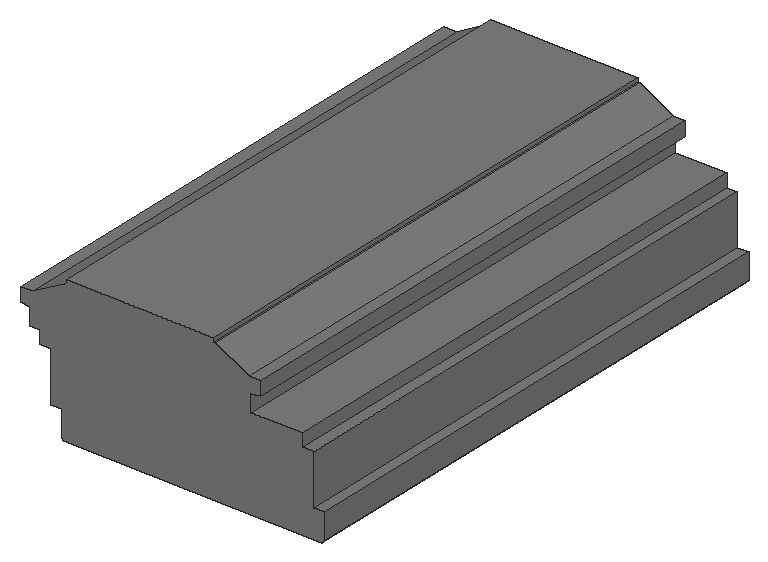
Revit family "HourdiBox PP Néo 120 Up 27 KW-1", category Equipement spécialisé, Revit 2016
Family settings
  Basée sur le plan de construction = Non
  Toujours verticalement = Oui
  Couper avec des vides une fois chargée = Non
  Partagée = Non
  Point de calcul de pièce = Non
Parameters (values of type "HourdiBox PP 120 Up 27")
  Up - SEAC GF 110 - SEAC GF 120 - SEAC GF 930 - SEAC GF 940 = 0.2700 W/(m·K)  # constant formula
  Up - RECTOR NR 130 = 0.2700 W/(m·K)  # constant formula
  Up - RECTOR NR 110 = 0.2600 W/(m·K)  # constant formula
  Up - LB7 - Série 1 = 0.2600 W/(m·K)  # constant formula
  Up - LB 7 - Série 2 = 0.2700 W/(m·K)  # constant formula
  Up - KP1 Leader 130 - KP1 Leader 140 = 0.2700 W/(m·K)  # constant formula
  Up - KP1 Leader 110 - KP1 Leader 115S - KP1 Leader x 110 = 0.2600 W/(m·K)  # constant formula
  Up - DURANDAL DF 110 - DURANDAL DF 130 - DURANDAL DF 140 = 0.2700 W/(m·K)  # constant formula
  URL = "http://www.isobox-isolation.fr/"
  Rp - SEAC GF 110 - SEAC GF 120 - SEAC GF 930 - SEAC GF 940 = 3.3500 (m²·K)/W  # constant formula
  Rp - RECTOR NR 110 = 3.4000 (m²·K)/W  # constant formula
  Rp - RECTOR NR 130 = 3.3000 (m²·K)/W  # constant formula
  Keynote = ""
  Model = "Entrevous 120 - UP 14 "  # constant formula
  Matériaux = Isolant PSE Entrevous
  Longueur = 1200 mm  # constant formula
  Largeur coupure 02 (base 10cm = 0) (par défaut) [instance] = 100 mm
  Largeur coupure 01 (base 10cm = 0) [instance] = 100 mm
  Longueur coupure (base 10cm = 0) [instance] = 100 mm
  Largeur = 688.5 mm  # constant formula
  Rp - LB7 - Série 1 = 3.4000 (m²·K)/W  # constant formula
  Rp - LB 7 - Série 2 = 3.3500 (m²·K)/W  # constant formula
  Rp - KP1 Leader 130 - KP1 Leader 140 = 3.3500 (m²·K)/W  # constant formula
  Rp - KP1 Leader 110 - KP1 Leader 115S - KP1 Leader x 110 = 3.4000 (m²·K)/W  # constant formula
  Fabricant = "Isobox"  # constant formula
  Epaisseur de languette = 77 mm  # constant formula
  Description = ""
  Rp - DURANDAL DF 110 - DURANDAL DF 130 - DURANDAL DF 140 = 3.4000 (m²·K)/W  # constant formula
  Coût = 0  # constant formula
Reference planes
  plane 1 "Centre (avant/arrière)": y = 0
  plane 2: z = 0
  plane 3 "Centre (gauche/droite)": x = 0
Forms (mm)
  Extrusion 1, solid, material "Isolant PSE Entrevous" <- "Matériaux"
    sketch origin (0, 0, 0) x (1, 0, 0) y (0, 0, 1)
      loop
        line (105.383, 0) -> (105.383, -9) -> (100.383, -9) -> (27.542, -50.647) -> (0, -50.647) -> (0, -82.012) -> (21.945, -84.319) -> (21.945, -122.995) -> (45, -122.995) -> (45, -152) -> (68.5, -152) -> (68.5, -266) -> (93.5, -266) -> (93.5, -325) -> (98.5, -330) -> (683.5, -330) -> (688.5, -325) -> (688.5, -266) -> (663.5, -266) -> (663.5, -152) -> (640, -152) -> (640, -123) -> (522.055, -123) -> (522.055, -84.319) -> (544, -82.012) -> (544, -50.647) -> (516.458, -50.647) -> (443.618, -9) -> (438.618, -9) -> (438.618, 0) -> (105.383, 0)
    from 0 to 1200
  Extrusion 2, void
    sketch origin (0, 0, 0) x (1, 0, 0) y (0, 1, 0)
      loop
        line (788.5, 0) -> (688.5, 0) -> (688.5, -1200) -> (788.5, -1200) -> (788.5, 0)
    from -330 to 0
  Extrusion 3, void
    sketch origin (0, 0, 0) x (1, 0, 0) y (0, 1, 0)
      loop
        line (0, -1200) -> (0, -1300) -> (688.5, -1300) -> (688.5, -1200) -> (0, -1200)
    from 0 to -330
  Extrusion 4, void
    sketch origin (-788.5, 0, 0) x (1, 0, 0) y (0, 1, 0)
      loop
        line (788.5, 0) -> (688.5, 0) -> (688.5, -1200) -> (788.5, -1200) -> (788.5, 0)
    from -330 to 0
Cuts and joins
  Extrusion 2, Extrusion 3, Extrusion 4 cuts Extrusion 1
Lines and regions (mm)
  reference lines
    curve 1: line (788.5, 160, 0) -> (788.5, -1440, 0)
    curve 2: line (-100, 0, 0) -> (-100, -1540, 0)
    curve 3: line (0, -1300, 0) -> (1520, -1300, 0)
Dimensions and locks
  locked: Extrusion 1 to Extrusion 1 at 688.5
  locked: Extrusion 1 to Extrusion 1 at 1200
  locked: Extrusion 1 to Extrusion 1 at 143
  "Largeur coupure 01 (base 10cm = 0)": Extrusion 2 to Extrusion 2
  locked: Extrusion 3 to Extrusion 3 at 688.5
  "Longueur coupure (base 10cm = 0)": Extrusion 3 to Extrusion 3
  "Largeur coupure 02 (base 10cm = 0) (par défaut)": Extrusion 4 to Extrusion 4
  cut or joined group of Extrusion 1, Extrusion 2, Extrusion 3, Extrusion 4 to cut or joined group of Extrusion 1, Extrusion 2, Extrusion 3, Extrusion 4 = 330 mm
  aligned and locked: level to plane 2
  aligned and locked: Extrusion 2 to curve 1
  aligned and locked: Extrusion 4 to curve 2
  aligned and locked: Extrusion 3 to curve 3
Automatic sketch dimensions
  Extrusion 1 sketch curve to plane 3 "Centre (gauche/droite)" = 0 mm
  Extrusion 1 sketch curve to level = 0 mm
  plane 3 "Centre (gauche/droite)" to Extrusion 1 sketch curve = 21.945 mm
  plane 3 "Centre (gauche/droite)" to Extrusion 1 sketch curve = 27.542 mm
  Extrusion 1 sketch curve to Extrusion 1 sketch curve = 23.055 mm
  plane 3 "Centre (gauche/droite)" to Extrusion 1 sketch curve = 68.5 mm
  Extrusion 1 sketch curve to Extrusion 1 sketch curve = 25 mm
  Extrusion 1 sketch curve to Extrusion 1 sketch curve = 5 mm  (x5)
  Extrusion 1 sketch curve to level = 9 mm  (x2)
  Extrusion 1 sketch curve to Extrusion 1 sketch curve = 72.84 mm  (x2)
  Extrusion 1 sketch curve to Extrusion 1 sketch curve = 333.235 mm
  Extrusion 1 sketch curve to Extrusion 1 sketch curve = 5.597 mm
  Extrusion 1 sketch curve to level = 82.012 mm
  Extrusion 1 sketch curve to Extrusion 1 sketch curve = 21.945 mm
  Extrusion 1 sketch curve to Extrusion 1 sketch curve = 96 mm
  Extrusion 1 sketch curve to Extrusion 1 sketch curve = 23.5 mm
  Extrusion 1 sketch curve to level = 330 mm
  Extrusion 1 sketch curve to Extrusion 1 sketch curve = 20 mm
  Extrusion 1 sketch curve to level = 325 mm
  Extrusion 1 sketch curve to Extrusion 1 sketch curve = 59 mm  (x2)
  Extrusion 1 sketch curve to Extrusion 1 sketch curve = 114 mm  (x2)
  Extrusion 1 sketch curve to Extrusion 1 sketch curve = 29 mm
  Extrusion 1 sketch curve to Extrusion 1 sketch curve = 29.005 mm
  Extrusion 1 sketch curve to Extrusion 1 sketch curve = 38.676 mm
  Extrusion 1 sketch curve to Extrusion 1 sketch curve = 2.307 mm  (x2)
  Extrusion 1 sketch curve to Extrusion 1 sketch curve = 33.672 mm  (x2)
  plane 1 "Centre (avant/arrière)" to Extrusion 2 sketch curve = 0 mm
  plane 3 "Centre (gauche/droite)" to Extrusion 2 sketch curve = 688.5 mm
  Extrusion 2 sketch curve to Extrusion 2 sketch curve = 100 mm
  plane 1 "Centre (avant/arrière)" to Extrusion 2 sketch curve = 1200 mm
  Extrusion 3 sketch curve to plane 3 "Centre (gauche/droite)" = 0 mm
  plane 3 "Centre (gauche/droite)" to Extrusion 3 sketch curve = 688.5 mm
  plane 1 "Centre (avant/arrière)" to Extrusion 3 sketch curve = 1300 mm
  Extrusion 3 sketch curve to Extrusion 3 sketch curve = 100 mm
  plane 1 "Centre (avant/arrière)" to Extrusion 4 sketch curve = 0 mm
  Extrusion 4 sketch curve to plane 3 "Centre (gauche/droite)" = 0 mm
  Extrusion 4 sketch curve to plane 3 "Centre (gauche/droite)" = 100 mm
  plane 1 "Centre (avant/arrière)" to Extrusion 4 sketch curve = 1200 mm
  plane 1 "Centre (avant/arrière)" to curve 2 = 0 mm
  curve 3 to plane 3 "Centre (gauche/droite)" = 0 mm
  curve 2 to plane 3 "Centre (gauche/droite)" = 100 mm
  plane 3 "Centre (gauche/droite)" to curve 1 = 788.5 mm
  curve 1 to curve 3 = 731.5 mm
  plane 1 "Centre (avant/arrière)" to curve 3 = 1300 mm
  curve 1 to curve 3 = 140 mm
  curve 2 to curve 3 = 240 mm
  curve 1 to plane 1 "Centre (avant/arrière)" = 160 mm
